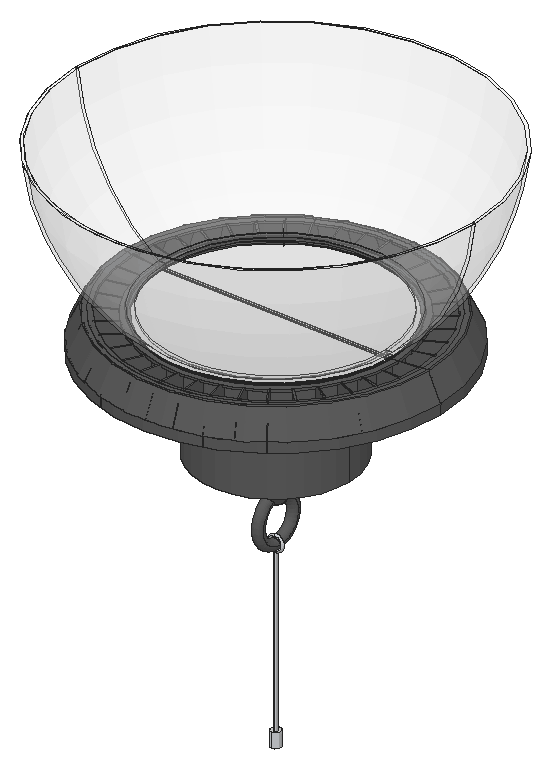
Revit family "0039367+0039361 Sylvania Lighting Fixture START HighBay IP65 DALI 26000lm 840 WB with PC LAMPSHADE TRANSPARENT FOR 26KLM pendant", category Lighting Fixtures, host Face, Revit 2017
Family settings
  Host = Face
  Round Connector Dimension = Use Diameter
  Part Type = Normal
  OmniClass Number = 23.80.70.00
  OmniClass Title = Lighting
  Cut with Voids When Loaded = No
  Light Source = Yes
  Shared = No
  Room Calculation Point = No
Parameters (values of type "0039367+0039361 START HighBay IP65 DALI 26000lm 840 WB with PC LAMPSHADE TRANSPARENT FOR 26KLM")
  WidthStraight_FEILO = if(SizeS_FEILO, 3 mm, if(SizeM_FEILO, 4 mm, 4.7 mm))  # 4.7 mm
  WidthRingChamfer_FEILO = if(SizeS_FEILO, 10.3 mm, if(SizeM_FEILO, 11.2 mm, 12.9 mm))  # 12.9 mm
  WidthCurved_FEILO = if(SizeS_FEILO, 17.4 mm, if(SizeM_FEILO, 16.4 mm, 26.2 mm))  # 26.2 mm
  WidthCurvedRing_FEILO = if(SizeS_FEILO, 3 mm, if(SizeM_FEILO, 4 mm, 4.7 mm))  # 4.7 mm
  WidthBracket_FEILO = 40 mm
  Weight = "3.7 kg"
  Wattage Comments = ""
  Wattage = 190 W
  WarrantyStartDate [instance] = "n/a"
  WarrantyGuarantorParts = "n/a"
  WarrantyDurationUnit = "n/a"
  WarrantyDurationParts = "n/a"
  WarrantyDescription = "n/a"
  built-in parameter 1150110 = 1 (stored number, unit not read)
  Voltage = 0 V
  VisibilityBracket_FEILO = no
  URL = "http://www.sylvania-lighting.com"
  TypeName = "START HighBay IP65 DALI 26000lm 840 WB with PC LAMPSHADE TRANSPARENT FOR 26KLM"
  Type Image = <None>
  Type Comments = "n/a"
  built-in parameter 1114217 = 1 (stored number, unit not read)
  Tilt Angle = -90.00°
  ThicknessWall_FEILO = 1.5 mm
  ThicknessBracket_FEILO = 1.5 mm
  ThicknessBracketHalf_FEILO = ThicknessBracket_FEILO / 2  # 0.75 mm
  built-in parameter 1150109 = 1 (stored number, unit not read)
  built-in parameter 1150134 = 1
  SuspensionHeight_FEILO [instance] = 400 mm
  built-in parameter 1150113 = 1 (stored number, unit not read)
  SizeS_FEILO = no
  SizeM_FEILO = no
  ShadeThickness_FEILO = 3 mm
  ShadeSizeSM_FEILO = or(SizeS_FEILO, SizeM_FEILO)  # no
  ShadeRadiusOut_FEILO = 205 mm
  ShadeRadiusIn_FEILO = if(ShadeSizeSM_FEILO, 95 mm, 121 mm)  # 121 mm
  ShadeRadiusBend_FEILO = if(ShadeSizeSM_FEILO, 210 mm, 210 mm)  # 210 mm
  ShadeHeight_FEILO = if(ShadeSizeSM_FEILO, 120 mm, 151 mm)  # 151 mm
  SerialNumber [instance] = "n/a"
  Rib4_FEILO = if(SizeS_FEILO, 18.1 mm, if(SizeM_FEILO, 13.6 mm, 14.6 mm))  # 14.6 mm
  Rib3_FEILO = if(SizeS_FEILO, 15.3 mm, if(SizeM_FEILO, 17.6 mm, 20.2 mm))  # 20.2 mm
  Rib2_FEILO = if(SizeS_FEILO, 3.6 mm, if(SizeM_FEILO, 3.9 mm, 4.5 mm))  # 4.5 mm
  Rib1_FEILO = if(SizeS_FEILO, 15.1 mm, if(SizeM_FEILO, 16.5 mm, 19 mm))  # 19 mm
  RadiusDiffuser_FEILO = if(SizeS_FEILO, 95.2 mm, if(SizeM_FEILO, 105.3 mm, 120 mm))  # 120 mm
  RadiusArrayPost_FEILO = DriverRadius_FEILO - 6 mm  # 70.4 mm
  RHRadius3_FEILO = if(SizeS_FEILO, 6.6 mm, if(SizeM_FEILO, 7.4 mm, 8.6 mm))  # 8.6 mm
  RHRadius2_FEILO = if(SizeS_FEILO, 11 mm, if(SizeM_FEILO, 12 mm, 14 mm))  # 14 mm
  RHRadius1_FEILO = if(SizeS_FEILO, 13.6 mm, if(SizeM_FEILO, 14.9 mm, 17.7 mm))  # 17.7 mm
  RHHeight4_FEILO = if(SizeS_FEILO, 7.3 mm, if(SizeM_FEILO, 8 mm, 9.2 mm))  # 9.2 mm
  RHHeight3_FEILO = if(SizeS_FEILO, 3.6 mm, if(SizeM_FEILO, 3.7 mm, 4.6 mm))  # 4.6 mm
  RHHeight2_FEILO = if(SizeS_FEILO, 2 mm, if(SizeM_FEILO, 2.2 mm, 2.6 mm))  # 2.6 mm
  RHHeight1_FEILO = if(SizeS_FEILO, 11.8 mm, if(SizeM_FEILO, 15.3 mm, 17.4 mm))  # 17.4 mm
  Photometric Web File = "0039367+0039361.ies"
  Material_5_FEILO = Shade-Sylvania-StartHighbay-PC
  Material_3_FEILO = LED-Sylvania-StartHighbay-Glow
  PowerFactor = 0.95
  PowerConsumption = "190 W"
  NominalLength = 339 mm
  NominalHeight = 189 mm
  NominalDepth = 339 mm
  Name = "START HighBay IP65 DALI 26000lm 840 WB with PC LAMPSHADE TRANSPARENT FOR 26KLM"
  ModelReference = Name  # "START HighBay IP65 DALI 26000lm 840 WB with PC LAMPSHADE TRANSPARENT FOR 26KLM"
  ModelNumber = "0039367+0039361"
  Model = Name  # "START HighBay IP65 DALI 26000lm 840 WB with PC LAMPSHADE TRANSPARENT FOR 26KLM"
  Material = "aluminium alloy housing, polycarbonate diffuser"
  ManufacturerName = "Feilo Sylvania"
  Manufacturer = "Feilo Sylvania"
  LuminousEfficacy = "130 lm/W"
  built-in parameter 1150105 = 33385.3 (stored number, unit not read)
  Lumens = 24700 lm
  LuminaireType = ""
  built-in parameter 1150115 = 1 (stored number, unit not read)
  LightOutputRatio = "n/a"
  built-in parameter 1150137 = (empty or 0)
  built-in parameter 1150139 = (empty or 0)
  LampsType = Lamp  # "LED"
  LampNominalLuminous = "24700 lm"
  LampMacAdamStep = "6"
  LampColourTemperature = "6500 K"
  LampColourRenderingIndex = "80"
  built-in parameter 1150112 = 1 (stored number, unit not read)
  built-in parameter 1150114 = 1 (stored number, unit not read)
  Lamp = "LED"
  Keynote = "16500"
  InstallationDate [instance] = "n/a"
  InputVoltage = "n/a"
  InputNominalFrequency = "50/60 Hz"
  built-in parameter 1150132 = (empty or 0)
  built-in parameter 1150102 = (empty or 0)
  built-in parameter 1150107 = 6500 (stored number, unit not read)
  built-in parameter 1150138 = (empty or 0)
  IngressProtection = "IP65"
  ImpactProtectionIndex = "IK08"
  built-in parameter 1150106 = 333.85 (stored number, unit not read)
  IfcExportType = "IfcLightFixtureType"
  IfcExportAs = "IfcLightFixtureType"
  HeightRing_FEILO = if(SizeS_FEILO, 19.8 mm, if(SizeM_FEILO, 32 mm, 36.8 mm))  # 36.8 mm
  HeightRingChamfer_FEILO = if(SizeS_FEILO, 11.7 mm, if(SizeM_FEILO, 23.2 mm, 26.6 mm))  # 26.6 mm
  EyeThickness_FEILO = if(SizeS_FEILO, 8.4 mm, if(SizeM_FEILO, 9.2 mm, 10.5 mm))  # 10.5 mm
  EyeThicknessHalf_FEILO = EyeThickness_FEILO / 2  # 5.25 mm
  EyeInner_FEILO = if(SizeS_FEILO, 13.8 mm, if(SizeM_FEILO, 15.1 mm, 17.3 mm))  # 17.3 mm
  ExpectedLife = 50000
  Emit from Circle Diameter = RadiusDiffuser_FEILO * 2  # 240 mm
  Emit Shape Visible in Rendering = no
  ElectricShockClassification = "Class I"
  built-in parameter 1150104 = 12.077 (stored number, unit not read)
  DurationUnit = "hours"
  DriverVerticalStraight_FEILO = if(SizeS_FEILO, 46.5 mm, if(SizeM_FEILO, 49.7 mm, 57 mm))  # 57 mm
  DriverVerticalChamfer_FEILO = if(SizeS_FEILO, 7.5 mm, if(SizeM_FEILO, 8.2 mm, 9.5 mm))  # 9.5 mm
  DriverRadius_FEILO = if(SizeS_FEILO, 61.4 mm, if(SizeM_FEILO, 67.2 mm, 76.4 mm))  # 76.4 mm
  DriverRadiusTop_FEILO = if(SizeS_FEILO, 42 mm, if(SizeM_FEILO, 45.3 mm, 52.4 mm))  # 52.4 mm
  DriverBottom_FEILO = if(SizeS_FEILO, 56 mm, if(SizeM_FEILO, 64.5 mm, 74 mm))  # 74 mm
  DocumentationLiterature = "http://www.sylvania-lighting.com/product/en-int/products/0039367"
  DimmingControlOptions = "Dimmable"
  Material_2_FEILO = Diffuser-Sylvania-StartHighbay-Transparent
  Radius_FEILO = if(SizeS_FEILO, 135 mm, if(SizeM_FEILO, 148 mm, 169.5 mm))  # 169.5 mm
  Dimming Lamp Color Temperature Shift = <None>
  DiameterWire_FEILO = 3 mm
  DiameterWireSupport_FEILO = 10 mm
  Description = "START Highbay, includes 1 m cables, black aluminium housing, 24,700 Lm, 190 W, 130 Lm/W, 6500 K, drive current: 4100 mA, CRI 80, 90° beam angle, DALI dimmable, IP65, IK08, 50,000 hrs (L80/B50), (D x H) 339 x 189 mm."
  Default Elevation = 1219.2 mm
  CreatedOn = "5/15/2018"
  CreatedBy = ""
  Cost = 0
  Color Filter = 16777215
  built-in parameter 1114216 [instance] = (empty or 0)
  ClassificationValue = "EF_70_80"
  ClassificationName = "Uniclass2015"
  Material_1_FEILO = Body-Sylvania-StartHighbay-Black
  BarCode [instance] = "n/a"
  built-in parameter 1114218 = 1 (stored number, unit not read)
  built-in parameter 1150133 = 10 (stored number, unit not read)
  AssetType = "Fixed"
  AssetIdentifier [instance] = "n/a"
  Assembly Code = "D5020200"
  Apparent Load = 190 VA
  Material_4_FEILO = Shade-Sylvania-StartHighbay-PC
Reference planes
  plane 1 "Center (Front/Back)": y = 0
  plane 2: z = 0
  plane 3 "Center (Left/Right)": x = 0
  plane 4: z = 400
  plane 5: x = -169.5
  plane 6: x = -156.6
  plane 7: z = 373.4
  plane 8: z = 363.2
  plane 9: x = -151.9
  plane 10: z = 397.375
  plane 11: x = -125.7
  plane 12: x = -120
  plane 13: x = -147.2
  plane 14: z = 398.375
  plane 15: z = 396.375
  plane 16: x = -117
  plane 17: z = 395.375
  plane 18: x = -168
  plane 19: x = -150.5
  plane 20: z = 358.7
  plane 21: x = -130.3
  plane 22: z = 344.1
  plane 23: x = -20
  plane 24: z = 326
  plane 25: x = -76.4
  plane 26: z = 269
  plane 27: x = -52.4
  plane 28: z = 259.5
  plane 29: x = -17.7
  plane 30: z = 242.1
  plane 31: z = 239.5
  plane 32: x = -14
  plane 33: z = 234.9
  plane 34: z = 225.7
  plane 35: x = -8.6
  plane 36: z = 208.4
  plane 37: z = 191.1
  plane 38: x = 5.25
  plane 39: x = -5.25
  plane 40: z = 180.6
  plane 41: z = 185.85
  plane 42: x = -162.3
  plane 43: x = -167
  plane 44: z = 361.7
  plane 45: x = -155.1
  plane 46: z = 297.5
  plane 47: y = -20
  plane 48: y = 20
  plane 49: x = 169.5
  plane 50: x = 156.6
  plane 51: x = 168
  plane 52: x = 162.3
  plane 53: x = 167
  plane 54: x = 155.1
  plane 55: z = 194.1
  plane 56: y = 1.5
  plane 57: y = -1.5
  plane 58: z = 192.6
  plane 59: z = 179.1
  plane 60: z = 177.6
  plane 61: y = -5
  plane 62: y = 5
  plane 63: z = 14
  plane 64: x = -205
  plane 65: z = 551
  plane 66: x = -121
  plane 67: x = -113
  plane 68: x = -202
  plane 69: z = 403
Forms (mm)
  Revolve 1, solid, material "Body-Sylvania-StartHighbay-Black" <- "Material_1_FEILO", detail levels medium+fine
    sketch origin (0, 0, 0) x (1, 0, 0) y (0, 0, 1)
      loop
        line (-169.5, 363.2) -> (-168, 363.2) -> (-168, 373.055) -> (-156.206, 397.375) -> (-147.2, 397.375) -> (-147.2, 399.137)
        arc (-147.2, 399.137) -> (-149.554, 399.547) -> (-151.9, 400) r 132.063
        line (-151.9, 400) -> (-156.141, 400)
        arc (-156.141, 400) -> (-156.63, 399.826) -> (-156.899, 399.383) r 0.774
        line (-156.899, 399.383) -> (-169.5, 373.4) -> (-169.5, 363.2)
      axis (0, 400) -> (0, 363.2)
    angle from 360 to 0
  Revolve 2, solid, material "Body-Sylvania-StartHighbay-Black" <- "Material_1_FEILO", detail levels medium+fine
    sketch origin (0, 0, 0) x (1, 0, 0) y (0, 0, 1)
      loop
        line (-125.7, 395.375) -> (-120, 395.375) -> (-120, 373.4) -> (0, 373.4) -> (0, 395.375) -> (-117, 395.375) -> (-117, 396.375) -> (-120, 396.375) -> (-120, 397.375) -> (-125.7, 397.375) -> (-125.7, 395.375)
      axis (0, 397.375) -> (0, 373.4)
    angle from 360 to 0
  Revolve 3, solid, material "Diffuser-Sylvania-StartHighbay-Transparent" <- "Material_2_FEILO", detail levels medium+fine
    sketch origin (0, 0, 0) x (1, 0, 0) y (0, 0, 1)
      loop
        line (-120, 396.375) -> (0, 396.375) -> (0, 398.375) -> (-120, 398.375) -> (-120, 396.375)
      axis (0, 398.375) -> (0, 396.375)
    angle from 360 to 0
  Revolve 4, solid, material "Body-Sylvania-StartHighbay-Black" <- "Material_1_FEILO"
    sketch origin (0, 0, 0) x (1, 0, 0) y (0, 0, 1)
      loop
        line (-76.4, 344.1) -> (-76.4, 269) -> (-52.4, 259.5) -> (-17.7, 259.5) -> (-17.7, 242.1) -> (-14, 239.5) -> (-14, 234.9) -> (-9.037, 226.426)
        arc (-9.037, 226.426) -> (-8.49, 225.894) -> (-7.753, 225.7) r 1.5
        line (-7.753, 225.7) -> (0, 225.7) -> (0, 344.1) -> (-76.4, 344.1)
      axis (0, 344.1) -> (0, 225.7)
    angle from 360 to 0
  Revolve 5, solid, material "Body-Sylvania-StartHighbay-Black" <- "Material_1_FEILO"
    sketch origin (0, 0, 0) x (1, 0, 0) y (0, 0, 1)
      loop
        circle (0, 185.85) r 5.25
      axis (5.25, 208.4) -> (-5.25, 208.4)
    angle from 360 to 0
  Extrusion 6, solid, material "Body-Sylvania-StartHighbay-Black" <- "Material_1_FEILO", visible <- "VisibilityBracket_FEILO"
    sketch origin (0, 0, 0) x (1, 0, 0) y (0, 0, 1)
      loop
        line (-167, 363.2) -> (-167, 361.7) -> (-157.35, 361.7)
        arc (-157.35, 361.7) -> (-156.82, 361.48) -> (-156.6, 360.95) r 0.75
        line (-156.6, 360.95) -> (-156.6, 297.5) -> (-155.1, 297.5) -> (-155.1, 361.7)
        arc (-155.1, 361.7) -> (-155.539, 362.761) -> (-156.6, 363.2) r 1.5
        line (-156.6, 363.2) -> (-167, 363.2)
      loop
        line (167, 363.2) -> (156.6, 363.2)
        arc (156.6, 363.2) -> (155.539, 362.761) -> (155.1, 361.7) r 1.5
        line (155.1, 361.7) -> (155.1, 297.5) -> (156.6, 297.5) -> (156.6, 360.95)
        arc (156.6, 360.95) -> (156.82, 361.48) -> (157.35, 361.7) r 0.75
        line (157.35, 361.7) -> (167, 361.7) -> (167, 363.2)
    from -20 to 20
  Extrusion 7, void
    sketch origin (0, 0, 0) x (0, 1, 0) y (0, 0, 1)
      loop
        arc (-10, 297.5) -> (-17.071, 300.429) -> (-20, 307.5) r 10
        line (-20, 307.5) -> (-25, 307.5) -> (-25, 292.5) -> (-10, 292.5) -> (-10, 297.5)
      loop
        line (10, 297.5) -> (10, 292.5) -> (25, 292.5) -> (25, 307.5) -> (20, 307.5)
        arc (20, 307.5) -> (17.071, 300.429) -> (10, 297.5) r 10
    from -156.6 to 156.6
  Revolve 8, solid, material "Body-Sylvania-StartHighbay-Black" <- "Material_1_FEILO", detail levels coarse
    sketch origin (0, 0, 0) x (1, 0, 0) y (0, 0, 1)
      loop
        line (0, 400) -> (-156.6, 400) -> (-169.5, 373.4) -> (-169.5, 363.2) -> (-150.5, 363.2) -> (-150.5, 358.7) -> (-130.3, 344.1) -> (0, 344.1) -> (0, 400)
      axis (0, 400) -> (0, 344.1)
    angle from 360 to 0
  Revolve 9, solid
    sketch origin (0, 0, 0) x (0, 1, 0) y (0, 0, 1)
      loop
        circle (0, 192.6) r 1.5
      axis (1.5, 185.85) -> (-1.5, 185.85)
    angle from 360 to 0
  Revolve 10, solid
    sketch origin (0, 0, 0) x (0, 1, 0) y (0, 0, 1)
      loop
        line (0, 0) -> (0, 179.1) -> (-1.5, 179.1) -> (-1.5, 14) -> (-5, 14) -> (-5, 0) -> (0, 0)
      axis (0, 0) -> (0, 179.1)
    angle from 360 to 0
  Revolve 11, solid, material "Shade-Sylvania-StartHighbay-PC" <- "Material_4_FEILO"
    sketch origin (0, 0, 0) x (1, 0, 0) y (0, 0, 1)
      loop
        line (-121, 400) -> (-113, 400) -> (-113, 403) -> (-120.341, 403)
        arc (-120.341, 403) -> (-177.055, 468.269) -> (-202.193, 551) r 207.203
        line (-202.193, 551) -> (-205, 551)
        arc (-205, 551) -> (-179.25, 466.46) -> (-121, 400) r 210
      axis (0, 551) -> (0, 400)
    angle from 360 to 0
Cuts and joins
  Extrusion 7 cuts Extrusion 6
Lines and regions (mm)
  reference lines
    curve 1: line (-169.5, 0, 373.4) -> (-156.6, 0, 400)
    curve 2: line (-125.7, 0, 397.375) -> (0, 0, 397.375)
    curve 3: arc (-125.7, 0, 397.375) -> (-138.866, 0, 398.033) -> (-151.9, 0, 400) r 132.063
    curve 4: line (-156.6, 0, 400) -> (-151.9, 0, 400)
    curve 5: line (-156.206, 0, 397.375) -> (-168, 0, 373.055)
    curve 6: line (-150.5, 0, 358.7) -> (-130.3, 0, 344.1)
    curve 7: line (-14, 0, 234.9) -> (-8.6, 0, 225.7)
    curve 8: circle (0, 0, 185.85) r 5.25 normal (0, -1, 0)
    curve 9: arc (-121, 0, 400) -> (-179.25, 0, 466.46) -> (-205, 0, 551) r 210
Dimensions and locks
  "Radius_FEILO": plane 3 "Center (Left/Right)" to plane 5
  "WidthRingChamfer_FEILO": plane 6 to plane 5
  "WidthStraight_FEILO": plane 9 to plane 6
  "WidthCurvedRing_FEILO": plane 13 to plane 9
  locked: plane 10 to plane 15 at 1
  locked: plane 14 to plane 10 at 1
  locked: plane 4 to plane 10 at 2.625
  locked: plane 15 to plane 17 at 1
  "ThicknessWall_FEILO": plane 18 to plane 5
  "ThicknessWall_FEILO": curve 5 to curve 1
  "HeightRingChamfer_FEILO": plane 4 to plane 7
  "HeightRing_FEILO": plane 4 to plane 8
  "RadiusDiffuser_FEILO": plane 3 "Center (Left/Right)" to plane 12
  locked: plane 16 to plane 12 at 3
  "WidthCurved_FEILO": plane 11 to plane 9
  "SuspensionHeight_FEILO": plane 4 to plane 2
  "Rib1_FEILO": plane 19 to plane 5
  "Rib2_FEILO": plane 8 to plane 20
  "Rib3_FEILO": plane 21 to plane 19
  "Rib4_FEILO": plane 20 to plane 22
  locked: plane 3 "Center (Left/Right)" to plane 23 at 20
  "DriverBottom_FEILO": plane 4 to plane 24
  "DriverRadius_FEILO": plane 3 "Center (Left/Right)" to plane 25
  "DriverVerticalStraight_FEILO": plane 24 to plane 26
  "DriverRadiusTop_FEILO": plane 3 "Center (Left/Right)" to plane 27
  "DriverVerticalChamfer_FEILO": plane 26 to plane 28
  "RHRadius1_FEILO": plane 3 "Center (Left/Right)" to plane 29
  "RHHeight2_FEILO": plane 30 to plane 31
  "RHRadius2_FEILO": plane 3 "Center (Left/Right)" to plane 32
  "RHHeight3_FEILO": plane 31 to plane 33
  "RHHeight4_FEILO": plane 33 to plane 34
  "RHRadius3_FEILO": plane 3 "Center (Left/Right)" to plane 35
  "RHHeight1_FEILO": plane 28 to plane 30
  "EyeInner_FEILO": plane 34 to plane 36
  "EyeInner_FEILO": plane 36 to plane 37
  equal spacing: plane 38, plane 3 "Center (Left/Right)", plane 39
  "EyeThickness_FEILO": plane 38 to plane 39
  "EyeThickness_FEILO": plane 37 to plane 40
  equal spacing: plane 37, plane 41, plane 40
  equal spacing: plane 6, plane 42, plane 18
  "ThicknessBracket_FEILO": plane 45 to plane 6
  "ThicknessBracket_FEILO": plane 8 to plane 44
  locked: plane 43 to plane 18 at 1
  equal spacing: plane 24, plane 46, plane 26
  equal spacing: plane 47, plane 1 "Center (Front/Back)", plane 48
  "WidthBracket_FEILO": plane 47 to plane 48
  "WidthRingChamfer_FEILO": plane 50 to plane 49
  "ThicknessWall_FEILO": plane 51 to plane 49
  equal spacing: plane 50, plane 52, plane 51
  "ThicknessBracket_FEILO": plane 54 to plane 50
  locked: plane 53 to plane 51 at 1
  "Radius_FEILO": plane 49 to plane 3 "Center (Left/Right)"
  equal spacing: plane 57, imposter light, plane 56
  "DiameterWire_FEILO": plane 57 to plane 56
  "DiameterWire_FEILO": plane 37 to plane 55
  equal spacing: plane 37, plane 58, plane 55
  "DiameterWire_FEILO": plane 60 to plane 40
  equal spacing: plane 60, plane 59, plane 40
  equal spacing: plane 61, plane 1 "Center (Front/Back)", plane 62
  "DiameterWireSupport_FEILO": plane 61 to plane 62
  locked: plane 63 to plane 2 at 14
  "ShadeRadiusOut_FEILO": plane 3 "Center (Left/Right)" to plane 64
  "ShadeHeight_FEILO": plane 65 to plane 4
  "ShadeRadiusIn_FEILO": plane 3 "Center (Left/Right)" to plane 66
  locked: plane 67 to plane 66 at 8
  "ShadeThickness_FEILO": plane 69 to plane 4
  "ShadeThickness_FEILO": plane 68 to plane 64
  "EyeThicknessHalf_FEILO": radius of curve 8
  "ThicknessBracket_FEILO": radius of Extrusion 6 sketch curve  (x2)
  "ThicknessBracketHalf_FEILO": radius of Extrusion 6 sketch curve  (x2)
  "DiameterWire_FEILO": diameter of Revolve 9 sketch curve
  "ShadeRadiusBend_FEILO": radius of curve 9
  aligned and locked: plane 2 to host face
  aligned and locked: level to host face
  aligned and locked: plane 5 to curve 1
  aligned and locked: plane 6 to curve 1
  aligned and locked: plane 7 to curve 1
  aligned and locked: plane 10 to curve 2
  aligned and locked: plane 9 to curve 3
  aligned and locked: plane 4 to curve 3
  aligned and locked: plane 11 to curve 3
  aligned and locked: plane 4 to curve 4
  aligned and locked: plane 18 to curve 5
  aligned and locked: plane 10 to curve 5
  aligned and locked: Revolve 1 sketch curve to plane 3 "Center (Left/Right)"
  aligned and locked: Revolve 1 sketch curve to curve 3
  aligned and locked: Revolve 1 sketch curve to curve 1
  aligned and locked: plane 4 to Revolve 1 sketch curve
  aligned and locked: plane 9 to Revolve 1 sketch curve
  aligned and locked: Revolve 1 sketch curve to plane 13
  aligned and locked: Revolve 1 sketch curve to plane 10
  aligned and locked: plane 13 to Revolve 1 sketch curve
  aligned and locked: plane 10 to Revolve 1 sketch curve
  aligned and locked: Revolve 1 sketch curve to plane 18
  aligned and locked: Revolve 1 sketch curve to plane 8
  aligned and locked: plane 5 to Revolve 1 sketch curve  (x2)
  aligned and locked: Revolve 2 sketch curve to plane 3 "Center (Left/Right)"
  aligned and locked: plane 11 to Revolve 2 sketch curve
  aligned and locked: Revolve 2 sketch curve to curve 2
  aligned and locked: plane 15 to Revolve 2 sketch curve
  aligned and locked: Revolve 2 sketch curve to plane 16
  aligned and locked: plane 17 to Revolve 2 sketch curve  (x2)
  aligned and locked: Revolve 2 sketch curve to plane 12
  aligned and locked: plane 7 to Revolve 2 sketch curve
  aligned and locked: Revolve 3 sketch curve to plane 3 "Center (Left/Right)"
  aligned and locked: Revolve 3 sketch curve to plane 14
  aligned and locked: plane 3 "Center (Left/Right)" to Revolve 3 sketch curve
  aligned and locked: Revolve 3 sketch curve to plane 12
  aligned and locked: plane 15 to Revolve 3 sketch curve
  aligned and locked: Revolve 1 sketch curve to curve 5
  aligned and locked: plane 22 to curve 6
  aligned and locked: plane 21 to curve 6
  aligned and locked: plane 20 to curve 6
  aligned and locked: plane 19 to curve 6
  aligned and locked: plane 33 to curve 7
  aligned and locked: plane 32 to curve 7
  aligned and locked: plane 35 to curve 7
  aligned and locked: plane 34 to curve 7
  aligned and locked: Revolve 4 sketch curve to plane 3 "Center (Left/Right)"
  aligned and locked: Revolve 4 sketch curve to plane 25
  aligned and locked: plane 27 to Revolve 4 sketch curve
  aligned and locked: plane 28 to Revolve 4 sketch curve
  aligned and locked: plane 30 to Revolve 4 sketch curve
  aligned and locked: Revolve 4 sketch curve to plane 29
  aligned and locked: plane 31 to Revolve 4 sketch curve
  aligned and locked: Revolve 4 sketch curve to curve 7
  aligned and locked: Revolve 4 sketch curve to plane 32
  aligned and locked: plane 34 to Revolve 4 sketch curve
  aligned and locked: plane 3 "Center (Left/Right)" to Revolve 4 sketch curve
  aligned and locked: plane 3 "Center (Left/Right)" to curve 8
  aligned and locked: plane 41 to curve 8
  aligned and locked: Revolve 5 sketch curve to plane 36
  aligned and locked: Revolve 5 sketch curve to curve 8
  aligned and locked: plane 43 to Extrusion 6 sketch curve  (x2)
  aligned and locked: plane 8 to Extrusion 6 sketch curve  (x3)
  aligned and locked: Extrusion 6 sketch curve to plane 45
  aligned and locked: Extrusion 6 sketch curve to plane 46  (x2)
  aligned and locked: plane 6 to Extrusion 6 sketch curve
  aligned and locked: Extrusion 6 sketch curve to plane 44  (x2)
  aligned and locked: Extrusion 6 to plane 48
  aligned and locked: plane 47 to Extrusion 6
  aligned and locked: plane 53 to Extrusion 6 sketch curve
  aligned and locked: plane 50 to Extrusion 6 sketch curve
  aligned and locked: Extrusion 6 sketch curve to plane 54
  aligned and locked: Extrusion 7 sketch curve to Extrusion 7 sketch curve
  aligned and locked: Extrusion 7 to plane 6
  aligned and locked: Extrusion 7 to Extrusion 6
  aligned and locked: Revolve 4 sketch curve to plane 22
  aligned and locked: plane 23 to nested 1
  aligned and locked: plane 1 "Center (Front/Back)" to nested 1
  aligned and locked: Revolve 8 sketch curve to plane 3 "Center (Left/Right)"
  aligned and locked: Revolve 8 sketch curve to plane 4
  aligned and locked: plane 6 to Revolve 8 sketch curve
  aligned and locked: plane 4 to Revolve 8 sketch curve
  aligned and locked: plane 7 to Revolve 8 sketch curve
  aligned and locked: Revolve 8 sketch curve to plane 5
  aligned and locked: plane 8 to Revolve 8 sketch curve  (x2)
  aligned and locked: Revolve 8 sketch curve to plane 19
  aligned and locked: plane 20 to Revolve 8 sketch curve
  aligned and locked: plane 19 to Revolve 8 sketch curve
  aligned and locked: plane 21 to Revolve 8 sketch curve
  aligned and locked: plane 22 to Revolve 8 sketch curve  (x2)
  aligned and locked: Revolve 8 sketch curve to Revolve 8 sketch curve
  aligned and locked: imposter light to plane 4
  aligned and locked: plane 3 "Center (Left/Right)" to imposter light
  aligned and locked: imposter light to plane 1 "Center (Front/Back)"
  aligned and locked: Revolve 9 sketch curve to plane 41
  aligned and locked: Revolve 10 sketch curve to plane 1 "Center (Front/Back)"
  aligned and locked: plane 1 "Center (Front/Back)" to Revolve 10 sketch curve  (x2)
  aligned and locked: host face to Revolve 10 sketch curve
  aligned and locked: plane 63 to Revolve 10 sketch curve
  aligned and locked: Revolve 10 sketch curve to plane 61
  aligned and locked: Revolve 10 sketch curve to plane 57
  aligned and locked: plane 59 to Revolve 10 sketch curve
  aligned and locked: plane 64 to curve 9
  aligned and locked: plane 65 to curve 9
  aligned and locked: plane 66 to curve 9
  aligned and locked: plane 4 to curve 9
  aligned and locked: Revolve 11 sketch curve to curve 9
  aligned and locked: plane 67 to Revolve 11 sketch curve
  aligned and locked: plane 66 to Revolve 11 sketch curve
  aligned and locked: plane 65 to Revolve 11 sketch curve  (x2)
  aligned and locked: Revolve 11 sketch curve to plane 67
  aligned and locked: plane 69 to Revolve 11 sketch curve
Automatic sketch dimensions
  host sketch curve to host sketch curve = 2438.4 mm  (x2)
  Revolve 1 sketch curve to plane 6 = 0.299 mm
  plane 6 to Revolve 1 sketch curve = 0.459 mm
  Revolve 1 sketch curve to level = 609.6 mm
  Revolve 1 sketch curve to Revolve 1 sketch curve = 2312.223 mm
  Revolve 2 sketch curve to plane 12 = 0 mm
  Revolve 2 sketch curve to plane 3 "Center (Left/Right)" = 0 mm
  Revolve 2 sketch curve to level = 609.6 mm
  Revolve 2 sketch curve to plane 4 = 2339.058 mm
  Revolve 3 sketch curve to level = 609.6 mm
  Revolve 3 sketch curve to plane 4 = 2339.058 mm
  Revolve 5 sketch curve to plane 5 = 1080 mm
  plane 38 to Revolve 5 sketch curve = 1219.2 mm
  Extrusion 7 sketch curve to plane 47 = 0 mm
  plane 46 to Extrusion 7 sketch curve = 0 mm  (x2)
  Extrusion 7 sketch curve to plane 48 = 0 mm
  plane 47 to Extrusion 7 sketch curve = 5 mm
  plane 1 "Center (Front/Back)" to Extrusion 7 sketch curve = 10 mm
  Extrusion 7 sketch curve to Extrusion 7 sketch curve = 10 mm
  plane 46 to Extrusion 7 sketch curve = 5 mm
  Extrusion 7 sketch curve to Extrusion 7 sketch curve = 5 mm
  Extrusion 7 sketch curve to plane 48 = 5 mm
  Revolve 4 sketch curve to plane 26 = 0 mm
  Revolve 4 sketch curve to plane 35 = 0.437 mm
  plane 35 to Revolve 4 sketch curve = 0.847 mm
  Revolve 4 sketch curve to plane 34 = 0.726 mm
  plane 40 to Revolve 4 sketch curve = 590.2 mm
  Revolve 4 sketch curve to plane 4 = 2339.058 mm
  Revolve 8 sketch curve to level = 609.6 mm
  Revolve 8 sketch curve to Revolve 8 sketch curve = 2386.058 mm
  Revolve 9 sketch curve to plane 1 "Center (Front/Back)" = 0 mm
  plane 58 to Revolve 9 sketch curve = 0 mm
  plane 47 to Revolve 9 sketch curve = 2534.941 mm
  Revolve 9 sketch curve to plane 48 = 2077.409 mm
  Revolve 10 sketch curve to Revolve 10 sketch curve = 609.6 mm
  Revolve 10 sketch curve to plane 4 = 2123.807 mm
  curve 2 to plane 3 "Center (Left/Right)" = 0 mm
  Revolve 11 sketch curve to Revolve 11 sketch curve = 0 mm  (x2)
  Revolve 11 sketch curve to plane 3 "Center (Left/Right)" = 0 mm
  plane 66 to Revolve 11 sketch curve = 0.659 mm
  Revolve 11 sketch curve to level = 609.6 mm
  Revolve 11 sketch curve to Revolve 11 sketch curve = 2068.248 mm
Nested families
  nested 1: "Start Highbay Rib" at (0, 0, 397.375), type "Type Name", detail levels medium+fine
    with SuspensionHeight_FEILO 2.6 mm
  nested 2: "Start Highbay Rib" at (0, 0, 397.375) x (0.9877, 0.1564, 0) z (0, 0, 1), type "Type Name", detail levels medium+fine
    with SuspensionHeight_FEILO 2.6 mm
  nested 3: "Start Highbay Rib" at (0, 0, 397.375) x (0.9511, 0.309, 0) z (0, 0, 1), type "Type Name", detail levels medium+fine
    with SuspensionHeight_FEILO 2.6 mm
  nested 4: "Start Highbay Rib" at (0, 0, 397.375) x (0.891, 0.454, 0) z (0, 0, 1), type "Type Name", detail levels medium+fine
    with SuspensionHeight_FEILO 2.6 mm
  nested 5: "Start Highbay Rib" at (0, 0, 397.375) x (0.809, 0.5878, 0) z (0, 0, 1), type "Type Name", detail levels medium+fine
    with SuspensionHeight_FEILO 2.6 mm
  nested 6: "Start Highbay Rib" at (0, 0, 397.375) x (0.7071, 0.7071, 0) z (0, 0, 1), type "Type Name", detail levels medium+fine
    with SuspensionHeight_FEILO 2.6 mm
  nested 7: "Start Highbay Rib" at (0, 0, 397.375) x (0.5878, 0.809, 0) z (0, 0, 1), type "Type Name", detail levels medium+fine
    with SuspensionHeight_FEILO 2.6 mm
  nested 8: "Start Highbay Rib" at (0, 0, 397.375) x (0.454, 0.891, 0) z (0, 0, 1), type "Type Name", detail levels medium+fine
    with SuspensionHeight_FEILO 2.6 mm
  nested 9: "Start Highbay Rib" at (0, 0, 397.375) x (0.309, 0.9511, 0) z (0, 0, 1), type "Type Name", detail levels medium+fine
    with SuspensionHeight_FEILO 2.6 mm
  nested 10: "Start Highbay Rib" at (0, 0, 397.375) x (0.1564, 0.9877, 0) z (0, 0, 1), type "Type Name", detail levels medium+fine
    with SuspensionHeight_FEILO 2.6 mm
  nested 11: "Start Highbay Rib" at (0, 0, 397.375) x (0, 1, 0) z (0, 0, 1), type "Type Name", detail levels medium+fine
    with SuspensionHeight_FEILO 2.6 mm
  nested 12: "Start Highbay Rib" at (0, 0, 397.375) x (-0.1564, 0.9877, 0) z (0, 0, 1), type "Type Name", detail levels medium+fine
    with SuspensionHeight_FEILO 2.6 mm
  nested 13: "Start Highbay Rib" at (0, 0, 397.375) x (-0.309, 0.9511, 0) z (0, 0, 1), type "Type Name", detail levels medium+fine
    with SuspensionHeight_FEILO 2.6 mm
  nested 14: "Start Highbay Rib" at (0, 0, 397.375) x (-0.454, 0.891, 0) z (0, 0, 1), type "Type Name", detail levels medium+fine
    with SuspensionHeight_FEILO 2.6 mm
  nested 15: "Start Highbay Rib" at (0, 0, 397.375) x (-0.5878, 0.809, 0) z (0, 0, 1), type "Type Name", detail levels medium+fine
    with SuspensionHeight_FEILO 2.6 mm
  nested 16: "Start Highbay Rib" at (0, 0, 397.375) x (-0.7071, 0.7071, 0) z (0, 0, 1), type "Type Name", detail levels medium+fine
    with SuspensionHeight_FEILO 2.6 mm
  nested 17: "Start Highbay Rib" at (0, 0, 397.375) x (-0.809, 0.5878, 0) z (0, 0, 1), type "Type Name", detail levels medium+fine
    with SuspensionHeight_FEILO 2.6 mm
  nested 18: "Start Highbay Rib" at (0, 0, 397.375) x (-0.891, 0.454, 0) z (0, 0, 1), type "Type Name", detail levels medium+fine
    with SuspensionHeight_FEILO 2.6 mm
  nested 19: "Start Highbay Rib" at (0, 0, 397.375) x (-0.9511, 0.309, 0) z (0, 0, 1), type "Type Name", detail levels medium+fine
    with SuspensionHeight_FEILO 2.6 mm
  nested 20: "Start Highbay Rib" at (0, 0, 397.375) x (-0.9877, 0.1564, 0) z (0, 0, 1), type "Type Name", detail levels medium+fine
    with SuspensionHeight_FEILO 2.6 mm
  nested 21: "Start Highbay Rib" at (0, 0, 397.375) x (-1, 0, 0) z (0, 0, 1), type "Type Name", detail levels medium+fine
    with SuspensionHeight_FEILO 2.6 mm
  nested 22: "Start Highbay Rib" at (0, 0, 397.375) x (-0.9877, -0.1564, 0) z (0, 0, 1), type "Type Name", detail levels medium+fine
    with SuspensionHeight_FEILO 2.6 mm
  nested 23: "Start Highbay Rib" at (0, 0, 397.375) x (-0.9511, -0.309, 0) z (0, 0, 1), type "Type Name", detail levels medium+fine
    with SuspensionHeight_FEILO 2.6 mm
  nested 24: "Start Highbay Rib" at (0, 0, 397.375) x (-0.891, -0.454, 0) z (0, 0, 1), type "Type Name", detail levels medium+fine
    with SuspensionHeight_FEILO 2.6 mm
  nested 25: "Start Highbay Rib" at (0, 0, 397.375) x (-0.809, -0.5878, 0) z (0, 0, 1), type "Type Name", detail levels medium+fine
    with SuspensionHeight_FEILO 2.6 mm
  nested 26: "Start Highbay Rib" at (0, 0, 397.375) x (-0.7071, -0.7071, 0) z (0, 0, 1), type "Type Name", detail levels medium+fine
    with SuspensionHeight_FEILO 2.6 mm
  nested 27: "Start Highbay Rib" at (0, 0, 397.375) x (-0.5878, -0.809, 0) z (0, 0, 1), type "Type Name", detail levels medium+fine
    with SuspensionHeight_FEILO 2.6 mm
  nested 28: "Start Highbay Rib" at (0, 0, 397.375) x (-0.454, -0.891, 0) z (0, 0, 1), type "Type Name", detail levels medium+fine
    with SuspensionHeight_FEILO 2.6 mm
  nested 29: "Start Highbay Rib" at (0, 0, 397.375) x (-0.309, -0.9511, 0) z (0, 0, 1), type "Type Name", detail levels medium+fine
    with SuspensionHeight_FEILO 2.6 mm
  nested 30: "Start Highbay Rib" at (0, 0, 397.375) x (-0.1564, -0.9877, 0) z (0, 0, 1), type "Type Name", detail levels medium+fine
    with SuspensionHeight_FEILO 2.6 mm
  nested 31: "Start Highbay Rib" at (0, 0, 397.375) x (0, -1, 0) z (0, 0, 1), type "Type Name", detail levels medium+fine
    with SuspensionHeight_FEILO 2.6 mm
  nested 32: "Start Highbay Rib" at (0, 0, 397.375) x (0.1564, -0.9877, 0) z (0, 0, 1), type "Type Name", detail levels medium+fine
    with SuspensionHeight_FEILO 2.6 mm
  nested 33: "Start Highbay Rib" at (0, 0, 397.375) x (0.309, -0.9511, 0) z (0, 0, 1), type "Type Name", detail levels medium+fine
    with SuspensionHeight_FEILO 2.6 mm
  nested 34: "Start Highbay Rib" at (0, 0, 397.375) x (0.454, -0.891, 0) z (0, 0, 1), type "Type Name", detail levels medium+fine
    with SuspensionHeight_FEILO 2.6 mm
  nested 35: "Start Highbay Rib" at (0, 0, 397.375) x (0.5878, -0.809, 0) z (0, 0, 1), type "Type Name", detail levels medium+fine
    with SuspensionHeight_FEILO 2.6 mm
  nested 36: "Start Highbay Rib" at (0, 0, 397.375) x (0.7071, -0.7071, 0) z (0, 0, 1), type "Type Name", detail levels medium+fine
    with SuspensionHeight_FEILO 2.6 mm
  nested 37: "Start Highbay Rib" at (0, 0, 397.375) x (0.809, -0.5878, 0) z (0, 0, 1), type "Type Name", detail levels medium+fine
    with SuspensionHeight_FEILO 2.6 mm
  nested 38: "Start Highbay Rib" at (0, 0, 397.375) x (0.891, -0.454, 0) z (0, 0, 1), type "Type Name", detail levels medium+fine
    with SuspensionHeight_FEILO 2.6 mm
  nested 39: "Start Highbay Rib" at (0, 0, 397.375) x (0.9511, -0.309, 0) z (0, 0, 1), type "Type Name", detail levels medium+fine
    with SuspensionHeight_FEILO 2.6 mm
  nested 40: "Start Highbay Rib" at (0, 0, 397.375) x (0.9877, -0.1564, 0) z (0, 0, 1), type "Type Name", detail levels medium+fine
    with SuspensionHeight_FEILO 2.6 mm
Connectors
  electrical at (0, 0, 0), driven by "Apparent Load", driven by "PowerFactor", driven by "Voltage"
    settings: index 1, voltage 0 V, apparent load 190 VA, apparent load phase1 0 VA, apparent load phase2 0 VA, apparent load phase3 0 VA, power factor 0.95, load classification "Lighting", number of poles 1, system type 30, power factor state 1, is connector primary yes, connector utility no, sub classification motor no, connector description ""
Definition of nested family "Start Highbay Rib"
  Parameters (values of type "Type Name")
    WidthStraight_FEILO = if(SizeS_FEILO, 3 mm, if(SizeM_FEILO, 4 mm, 4.7 mm))  # 3 mm
    WidthRingChamfer_FEILO = if(SizeS_FEILO, 10.3 mm, if(SizeM_FEILO, 11.2 mm, 12.9 mm))  # 10.3 mm
    WidthCurved_FEILO = if(SizeS_FEILO, 17.4 mm, if(SizeM_FEILO, 16.4 mm, 26.2 mm))  # 17.4 mm
    WidthCurvedRing_FEILO = if(SizeS_FEILO, 3 mm, if(SizeM_FEILO, 4 mm, 4.7 mm))  # 3 mm
    WidthBracket_FEILO = 40 mm
    URL = "http://www.feilosylvania.com"
    Type Image = (empty or 0)
    Type Comments = "n/a"
    ThicknessWall_FEILO = 1.5 mm
    ThicknessBracket_FEILO = 1.5 mm
    ThicknessBracketHalf_FEILO = ThicknessBracket_FEILO / 2  # 0.75 mm
    SuspensionHeight_FEILO [instance] = 2.6 mm
    SizeS_FEILO = yes
    SizeM_FEILO = no
    Rib4_FEILO = if(SizeS_FEILO, 18.1 mm, if(SizeM_FEILO, 13.6 mm, 14.6 mm))  # 18.1 mm
    Rib3_FEILO = if(SizeS_FEILO, 15.3 mm, if(SizeM_FEILO, 17.6 mm, 20.2 mm))  # 15.3 mm
    Rib2_FEILO = if(SizeS_FEILO, 3.6 mm, if(SizeM_FEILO, 3.9 mm, 4.5 mm))  # 3.6 mm
    Rib1_FEILO = if(SizeS_FEILO, 15.1 mm, if(SizeM_FEILO, 16.5 mm, 19 mm))  # 15.1 mm
    RadiusRib_FEILO = 2 mm
    RadiusDiffuser_FEILO = if(SizeS_FEILO, 95.2 mm, if(SizeM_FEILO, 105.3 mm, 120 mm))  # 95.2 mm
    RHRadius3_FEILO = if(SizeS_FEILO, 6.6 mm, if(SizeM_FEILO, 7.4 mm, 8.6 mm))  # 6.6 mm
    RHRadius2_FEILO = if(SizeS_FEILO, 11 mm, if(SizeM_FEILO, 12 mm, 14 mm))  # 11 mm
    RHRadius1_FEILO = if(SizeS_FEILO, 13.6 mm, if(SizeM_FEILO, 14.9 mm, 17.7 mm))  # 13.6 mm
    RHHeight4_FEILO = if(SizeS_FEILO, 7.3 mm, if(SizeM_FEILO, 8 mm, 9.2 mm))  # 7.3 mm
    RHHeight3_FEILO = if(SizeS_FEILO, 3.6 mm, if(SizeM_FEILO, 3.7 mm, 4.6 mm))  # 3.6 mm
    RHHeight2_FEILO = if(SizeS_FEILO, 2 mm, if(SizeM_FEILO, 2.2 mm, 2.6 mm))  # 2 mm
    RHHeight1_FEILO = if(SizeS_FEILO, 11.8 mm, if(SizeM_FEILO, 15.3 mm, 17.4 mm))  # 11.8 mm
    Material_3_FEILO = none
    Model = ""
    Manufacturer = "Feilo Sylvania"
    Keynote = "16500"
    HeightRing_FEILO = if(SizeS_FEILO, 19.8 mm, if(SizeM_FEILO, 32 mm, 36.8 mm))  # 19.8 mm
    HeightRingChamfer_FEILO = if(SizeS_FEILO, 11.7 mm, if(SizeM_FEILO, 23.2 mm, 26.6 mm))  # 11.7 mm
    EyeThickness_FEILO = if(SizeS_FEILO, 8.4 mm, if(SizeM_FEILO, 9.2 mm, 10.5 mm))  # 8.4 mm
    EyeThicknessHalf_FEILO = EyeThickness_FEILO / 2  # 4.2 mm
    EyeInner_FEILO = if(SizeS_FEILO, 13.8 mm, if(SizeM_FEILO, 15.1 mm, 17.3 mm))  # 13.8 mm
    DriverVerticalStraight_FEILO = if(SizeS_FEILO, 46.5 mm, if(SizeM_FEILO, 49.7 mm, 57 mm))  # 46.5 mm
    DriverVerticalChamfer_FEILO = if(SizeS_FEILO, 7.5 mm, if(SizeM_FEILO, 8.2 mm, 9.5 mm))  # 7.5 mm
    DriverRadius_FEILO = if(SizeS_FEILO, 61.4 mm, if(SizeM_FEILO, 67.2 mm, 76.4 mm))  # 61.4 mm
    DriverRadiusTop_FEILO = if(SizeS_FEILO, 42 mm, if(SizeM_FEILO, 45.3 mm, 52.4 mm))  # 42 mm
    DriverBottom_FEILO = if(SizeS_FEILO, 56 mm, if(SizeM_FEILO, 64.5 mm, 74 mm))  # 56 mm
    Material_2_FEILO = none
    Radius_FEILO = if(SizeS_FEILO, 135 mm, if(SizeM_FEILO, 148 mm, 169.5 mm))  # 135 mm
    Description = ""
    Default Elevation = 1219.2 mm
    Cost = 0
    Material_1_FEILO = none
    Assembly Code = "D5020200"
    Material_4_FEILO = none
  Reference planes
    plane 1 "Center (Front/Back)": y = 0
    plane 2: z = 0
    plane 3 "Center (Left/Right)": x = 0
    plane 4: z = 2.6
    plane 5: x = -135
    plane 6: x = -124.7
    plane 7: z = -9.1
    plane 8: z = -17.2
    plane 9: x = -121.7
    plane 10: z = -0.025
    plane 11: x = -104.3
    plane 12: x = -95.2
    plane 13: x = -118.7
    plane 14: z = 0.975
    plane 15: z = -1.025
    plane 16: x = -92.2
    plane 17: z = -2.025
    plane 18: x = -133.5
    plane 19: x = -119.9
    plane 20: z = -20.8
    plane 21: x = -104.6
    plane 22: z = -38.9
    plane 23: x = -20
    plane 24: z = -53.4
    plane 25: x = -61.4
    plane 26: z = -99.9
    plane 27: x = -42
    plane 28: z = -107.4
    plane 29: x = -13.6
    plane 30: z = -119.2
    plane 31: z = -121.2
    plane 32: x = -11
    plane 33: z = -124.8
    plane 34: z = -132.1
    plane 35: x = -6.6
    plane 36: z = -145.9
    plane 37: z = -159.7
    plane 38: x = 4.2
    plane 39: x = -4.2
    plane 40: z = -168.1
    plane 41: z = -163.9
    plane 42: x = -129.1
    plane 43: x = -132.5
    plane 44: z = -18.7
    plane 45: x = -123.2
    plane 46: z = -76.65
    plane 47: y = -20
    plane 48: y = 20
    plane 49: x = 135
    plane 50: x = 124.7
    plane 51: x = 133.5
    plane 52: x = 129.1
    plane 53: x = 132.5
    plane 54: x = 123.2
    plane 55: y = 0.75
    plane 56: y = -0.75
  Forms (mm)
    Extrusion 1, solid
      sketch origin (4.2, 0, 0) x (1, 0, 0) y (0, 1, 0)
        loop
          line (-1219.2, 1219.2) -> (-1219.2, -1219.2) -> (1219.2, -1219.2) -> (1219.2, 1219.2) -> (-1219.2, 1219.2)
      from 0 to -68.017
    Extrusion 2, solid, material <- "Material_1_FEILO"
      sketch origin (0, 0, 0) x (1, 0, 0) y (0, 0, 1)
        loop
          arc (-104.3, -0.025) -> (-111.555, 0.423) -> (-118.7, 1.76) r 58.981
          line (-118.7, 1.76) -> (-118.7, -0.025) -> (-125.012, -0.025) -> (-133.5, -9.666) -> (-133.5, -17.2) -> (-119.9, -17.2) -> (-119.9, -20.068)
          arc (-119.9, -20.068) -> (-119.778, -20.755) -> (-119.427, -21.359) r 2
          line (-119.427, -21.359) -> (-104.966, -38.467)
          arc (-104.966, -38.467) -> (-104.381, -38.789) -> (-103.723, -38.9) r 2
          line (-103.723, -38.9) -> (-20, -38.9) -> (-20, -9.1) -> (-95.2, -9.1) -> (-95.2, -2.025) -> (-104.3, -2.025) -> (-104.3, -0.025)
      from -0.75 to 0.75
  Lines and regions (mm)
    reference lines
      curve 1: line (-135, 0, -9.1) -> (-124.7, 0, 2.6)
      curve 2: line (-104.3, 0, -0.025) -> (0, 0, -0.025)
      curve 3: arc (-104.3, 0, -0.025) -> (-113.098, 0, 0.635) -> (-121.7, 0, 2.6) r 58.981
      curve 4: line (-124.7, 0, 2.6) -> (-121.7, 0, 2.6)
      curve 5: line (-125.012, 0, -0.025) -> (-133.5, 0, -9.666)
      curve 6: line (-119.9, 0, -20.8) -> (-104.6, 0, -38.9)
  Dimensions and locks
    "Radius_FEILO": plane 3 "Center (Left/Right)" to plane 5
    "WidthRingChamfer_FEILO": plane 6 to plane 5
    "WidthStraight_FEILO": plane 9 to plane 6
    "WidthCurvedRing_FEILO": plane 13 to plane 9
    locked: plane 10 to plane 15 at 1
    locked: plane 14 to plane 10 at 1
    locked: plane 4 to plane 10 at 2.625
    locked: plane 15 to plane 17 at 1
    "ThicknessWall_FEILO": plane 18 to plane 5
    "ThicknessWall_FEILO": curve 5 to curve 1
    "HeightRingChamfer_FEILO": plane 4 to plane 7
    "HeightRing_FEILO": plane 4 to plane 8
    "RadiusDiffuser_FEILO": plane 3 "Center (Left/Right)" to plane 12
    locked: plane 16 to plane 12 at 3
    "WidthCurved_FEILO": plane 11 to plane 9
    "SuspensionHeight_FEILO": plane 4 to plane 2
    "Rib1_FEILO": plane 19 to plane 5
    "Rib2_FEILO": plane 8 to plane 20
    "Rib3_FEILO": plane 21 to plane 19
    "Rib4_FEILO": plane 20 to plane 22
    locked: plane 3 "Center (Left/Right)" to plane 23 at 20
    "DriverBottom_FEILO": plane 4 to plane 24
    "DriverRadius_FEILO": plane 3 "Center (Left/Right)" to plane 25
    "DriverVerticalStraight_FEILO": plane 24 to plane 26
    "DriverRadiusTop_FEILO": plane 3 "Center (Left/Right)" to plane 27
    "DriverVerticalChamfer_FEILO": plane 26 to plane 28
    "RHRadius1_FEILO": plane 3 "Center (Left/Right)" to plane 29
    "RHHeight2_FEILO": plane 30 to plane 31
    "RHRadius2_FEILO": plane 3 "Center (Left/Right)" to plane 32
    "RHHeight3_FEILO": plane 31 to plane 33
    "RHHeight4_FEILO": plane 33 to plane 34
    "RHRadius3_FEILO": plane 3 "Center (Left/Right)" to plane 35
    "RHHeight1_FEILO": plane 28 to plane 30
    "EyeInner_FEILO": plane 34 to plane 36
    "EyeInner_FEILO": plane 36 to plane 37
    equal spacing: plane 38, plane 3 "Center (Left/Right)", plane 39
    "EyeThickness_FEILO": plane 38 to plane 39
    "EyeThickness_FEILO": plane 37 to plane 40
    equal spacing: plane 37, plane 41, plane 40
    equal spacing: plane 6, plane 42, plane 18
    "ThicknessBracket_FEILO": plane 45 to plane 6
    "ThicknessBracket_FEILO": plane 8 to plane 44
    locked: plane 43 to plane 18 at 1
    equal spacing: plane 24, plane 46, plane 26
    equal spacing: plane 47, plane 1 "Center (Front/Back)", plane 48
    "WidthBracket_FEILO": plane 47 to plane 48
    "WidthRingChamfer_FEILO": plane 50 to plane 49
    "ThicknessWall_FEILO": plane 51 to plane 49
    equal spacing: plane 50, plane 52, plane 51
    "ThicknessBracket_FEILO": plane 54 to plane 50
    locked: plane 53 to plane 51 at 1
    "Radius_FEILO": plane 49 to plane 3 "Center (Left/Right)"
    equal spacing: plane 56, plane 1 "Center (Front/Back)", plane 55
    "ThicknessWall_FEILO": plane 56 to plane 55
    "RadiusRib_FEILO": radius of Extrusion 2 sketch curve  (x2)
    aligned and locked: plane 2 to Extrusion 1
    aligned and locked: level to Extrusion 1
    aligned and locked: plane 5 to curve 1
    aligned and locked: plane 6 to curve 1
    aligned and locked: plane 7 to curve 1
    aligned and locked: plane 10 to curve 2
    aligned and locked: plane 9 to curve 3
    aligned and locked: plane 4 to curve 3
    aligned and locked: plane 11 to curve 3
    aligned and locked: plane 4 to curve 4
    aligned and locked: plane 18 to curve 5
    aligned and locked: plane 10 to curve 5
    aligned and locked: plane 22 to curve 6
    aligned and locked: plane 21 to curve 6
    aligned and locked: plane 20 to curve 6
    aligned and locked: plane 19 to curve 6
    aligned and locked: Extrusion 2 sketch curve to plane 23
    aligned and locked: Extrusion 2 sketch curve to plane 22
    aligned and locked: Extrusion 2 sketch curve to curve 6
    aligned and locked: plane 19 to Extrusion 2 sketch curve
    aligned and locked: Extrusion 2 sketch curve to plane 8
    aligned and locked: Extrusion 2 sketch curve to curve 5
    aligned and locked: Extrusion 2 sketch curve to curve 3
    aligned and locked: Extrusion 2 to plane 55
    aligned and locked: plane 56 to Extrusion 2
    aligned and locked: curve 6 to Extrusion 2 sketch curve
  Automatic sketch dimensions
    Extrusion 1 sketch curve to Extrusion 1 sketch curve = 2438.4 mm  (x2)
    curve 2 to plane 3 "Center (Left/Right)" = 0 mm
    Extrusion 2 sketch curve to plane 18 = 0 mm
    Extrusion 2 sketch curve to plane 10 = 0 mm
    Extrusion 2 sketch curve to plane 13 = 0 mm
    Extrusion 2 sketch curve to plane 7 = 0 mm
    Extrusion 2 sketch curve to plane 12 = 0 mm
    Extrusion 2 sketch curve to plane 17 = 0 mm
    plane 19 to Extrusion 2 sketch curve = 0.473 mm
    Extrusion 2 sketch curve to plane 21 = 0.366 mm
